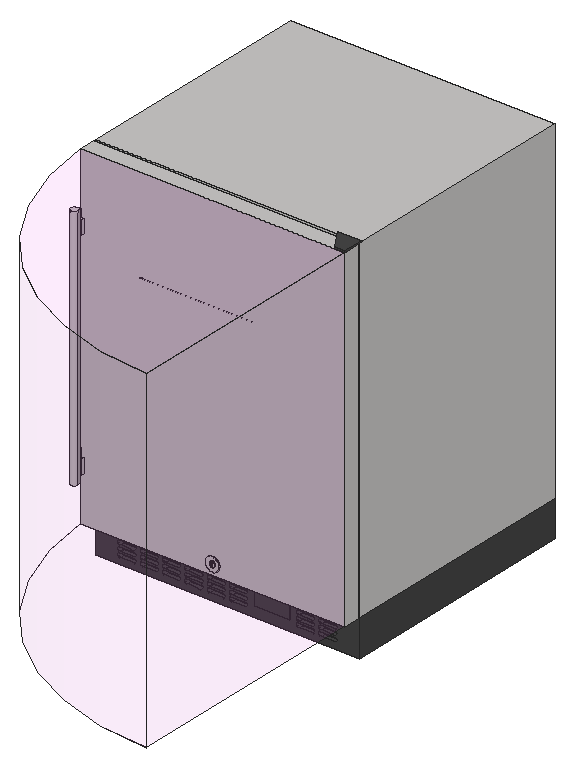
Revit family "QF_Summit_SPFF51OS_Frost_Free_Outdoor_All_Freezer", category Specialty Equipment, Revit 2020
Family settings
  Round Connector Dimension = Use Diameter
  Part Type = Normal
  Work Plane-Based = No
  Always vertical = Yes
  Cut with Voids When Loaded = No
  Shared = No
  Room Calculation Point = No
Parameters
  Weight in Pounds = 88
  Watts = Volts * FL Amps  # 103.5 W
  Volts = 115 V
  URL Cutsheet = ""
  Specification by User = ""
  Specification by Manufacturer = ""
  Show RHD [instance] = not(Show LHD)  # yes
  Show LHD [instance] = no
  Show Clearance [instance] = yes
  Serial Number = ""
  Seismic Rating = ""
  SMACNA No = ""
  Revision Code = ""
  Refrigerant Volume = 0.00 kip
  Refrigerant Type = "R600a"
  Phase = 1
  Number of Poles = 1
  NAFEM Spec ID Number = ""
  Model = "SPFF51OS"
  Min Ckt Ampacity = 0 A
  Max Overcurrent Protection = 0 A
  Masterspec = ""
  Manufacturer = "Summit"
  Length = 23.63"
  Item Number = ""
  Installed By = ""
  Identify Quantity as Lot = yes
  Height = 34"
  HP = ""
  Furnished By = ""
  Foodservice Equipment Identifier = yes
  FL Amps = 0.9 A
  Electrical Remarks = ""
  Electric Connection Type = ""
  Elec Conn RI Height = 0"
  Elec Conn Connection Height = 0"
  Description = "Frost Free Outdoor All Freezer"
  Depth = 23 1/2"
  Default Elevation = 0"
  Cycle = 60 Hz
  Conn Plug = ""
  Conn Conduit = yes
  CSI MasterFormat = ""
  BTUH = 0.0 Btu/h
  Apparent Power = 0 VA
Reference planes (in)
  plane 1 "BACK": y = 0
  plane 2: z = 0
  plane 3 "LEFT": x = 0
  plane 4 "RIGHT": x = 23.63
  plane 5 "FRONT": y = -23.5
  plane 6 "TOP": z = 34
  plane 7 "Center Y": x = 11.815
  plane 8 "Center X": y = -11.75
Dimensions and locks (in)
  equal spacing: plane 3 "LEFT", plane 7 "Center Y", plane 4 "RIGHT"
  "Length": plane 3 "LEFT" to plane 4 "RIGHT"
  equal spacing: plane 5 "FRONT", plane 8 "Center X", plane 1 "BACK"
  "Depth": plane 5 "FRONT" to plane 1 "BACK"
  "Height": plane 6 "TOP" to level
  aligned and locked: level to plane 2
Nested families (in)
  nested 1: "SPFF51OS" at (0, 0, 0), Show Clearance <- "Show Clearance", Show LHD <- "Show LHD", type "SPFF51OS"
    with Show RHD yes, Show LHD no, Show Clearance yes
Connectors (in)
  electrical at (20.63, 0.03125, 1.99472), driven by "Volts", driven by "Watts"
    settings: on nested 1, index 1, voltage 115 V, apparent load 103.5 VA, apparent load phase1 0 VA, apparent load phase2 0 VA, apparent load phase3 0 VA, power factor 1, load classification "Other", number of poles 1, system type 30, power factor state 1, is connector primary yes, connector utility no, sub classification motor no, connector description "ELECTRICAL CONNECTION"
Definition of nested family "SPFF51OS"
  Parameters (values of type "SPFF51OS")
    Weight in Pounds = 0
    URL Cutsheet = ""
    Specification by User = ""
    Specification by Manufacturer = ""
    Show RHD [instance] = not(Show LHD)  # no
    Show LHD [instance] = yes
    Show Clearance [instance] = yes
    Serial Number = ""
    Seismic Rating = ""
    SMACNA No = ""
    Revision Code = ""
    NAFEM Spec ID Number = ""
    Masterspec = ""
    Length = 23.63"
    Item Number = ""
    Installed By = ""
    Identify Quantity as Lot = yes
    Height = 34"
    Furnished By = ""
    Foodservice Equipment Identifier = yes
    Depth = 23 1/2"
    Default Elevation = 0"
    CSI MasterFormat = ""
  Reference planes (in)
    plane 1 "BACK": y = 0
    plane 2: z = 0
    plane 3 "LEFT": x = 0
    plane 4 "RIGHT": x = 23.63
    plane 5 "FRONT": y = -23.5
    plane 6 "TOP": z = 34
    plane 7 "Center Y": x = 11.815
    plane 8 "Center X": y = -11.75
    plane 9: z = 3.91594
    plane 10: z = 0.6638
    plane 11: x = 20.63
    plane 12: y = -45.625
    plane 13: z = 4.41594
    plane 14: z = 33.66594
  Forms (in)
    Extrusion 1, solid
      sketch origin (-3.81931, -180, 3.91594) x (-1, 0, 0) y (0, -1, 0)
        loop
          line (-3.81931, -180) -> (-3.81931, -158.20513) -> (-27.44931, -158.20513) -> (-27.44931, -180) -> (-3.81931, -180)
      from 0 to 30.08406
    Extrusion 2, solid
      sketch origin (-1.69587, -180, 0.6638) x (-1, 0, 0) y (0, -1, 0)
        loop
          line (-1.69587, -180) -> (-1.69587, -158.20513) -> (-25.32587, -158.20513) -> (-25.32587, -180) -> (-1.69587, -180)
      from 0 to 3.25213
    Extrusion 3, solid, visible <- "Show RHD"
      sketch origin (-3.81931, -180, 34) x (-1, 0, 0) y (0, -1, 0)
        loop
          line (-25.33028, -158.38842) -> (-26.55664, -156.5) -> (-27.44931, -156.5) -> (-27.44931, -158.38842) -> (-25.33028, -158.38842)
      from 0 to 0.09167
    Extrusion 4, solid, visible <- "Show RHD"
      sketch origin (-1.39221, -180, 29.22496) x (-1, 0, 0) y (0, -1, 0)
        loop
          line (-1.39221, -157.45513) -> (-1.20471, -157.45513) -> (-1.20471, -156.46355) -> (-1.67159, -155.30798) -> (-2.43206, -155.30798) -> (-2.43206, -155.49548) -> (-1.79806, -155.49548) -> (-1.39221, -156.5) -> (-1.39221, -157.45513)
      from 0 to -1.25
    Extrusion 5, solid, visible <- "Show RHD"
      sketch origin (-2.12657, -180, 30.03198) x (-1, 0, 0) y (0, -1, 0)
        loop
          circle (-2.78619, -154.96649) r 0.34149
      from 0 to -21.94945
    Extrusion 6, solid, visible <- "Show RHD"
      sketch origin (-2.27285, -180, 9.98387) x (-1, 0, 0) y (0, -1, 0)
        loop
          line (-2.27285, -157.45513) -> (-2.08535, -157.45513) -> (-2.08535, -156.46355) -> (-2.55223, -155.30798) -> (-3.3127, -155.30798) -> (-3.3127, -155.49548) -> (-2.6787, -155.49548) -> (-2.27285, -156.5) -> (-2.27285, -157.45513)
      from 0 to -1.25
    Extrusion 7, void
      sketch origin (23.63, -21.79487, 0.6638) x (1, 0, 0) y (0, 0, -1)
        loop
          arc (-21.45237, -2.57037) -> (-21.65262, -2.77063) -> (-21.45237, -2.97088) r 0.20026
          line (-21.45237, -2.97088) -> (-20.20237, -2.97088)
          arc (-20.20237, -2.97088) -> (-20.00211, -2.77063) -> (-20.20237, -2.57037) r 0.20026
          line (-20.20237, -2.57037) -> (-21.45237, -2.57037)
        loop
          arc (-21.45237, -2.05013) -> (-21.65262, -2.25039) -> (-21.45237, -2.45064) r 0.20026
          line (-21.45237, -2.45064) -> (-20.20237, -2.45064)
          arc (-20.20237, -2.45064) -> (-20.00211, -2.25039) -> (-20.20237, -2.05013) r 0.20026
          line (-20.20237, -2.05013) -> (-21.45237, -2.05013)
        loop
          arc (-21.45237, -1.57037) -> (-21.65262, -1.77063) -> (-21.45237, -1.97088) r 0.20026
          line (-21.45237, -1.97088) -> (-20.20237, -1.97088)
          arc (-20.20237, -1.97088) -> (-20.00211, -1.77063) -> (-20.20237, -1.57037) r 0.20026
          line (-20.20237, -1.57037) -> (-21.45237, -1.57037)
        loop
          arc (-21.45237, -1.05013) -> (-21.65262, -1.25039) -> (-21.45237, -1.45064) r 0.20026
          line (-21.45237, -1.45064) -> (-20.20237, -1.45064)
          arc (-20.20237, -1.45064) -> (-20.00211, -1.25039) -> (-20.20237, -1.05013) r 0.20026
          line (-20.20237, -1.05013) -> (-21.45237, -1.05013)
        loop
          arc (-21.45237, -0.55013) -> (-21.65262, -0.75039) -> (-21.45237, -0.95064) r 0.20026
          line (-21.45237, -0.95064) -> (-20.20237, -0.95064)
          arc (-20.20237, -0.95064) -> (-20.00211, -0.75039) -> (-20.20237, -0.55013) r 0.20026
          line (-20.20237, -0.55013) -> (-21.45237, -0.55013)
        loop
          arc (-19.45237, -2.57037) -> (-19.65262, -2.77063) -> (-19.45237, -2.97088) r 0.20026
          line (-19.45237, -2.97088) -> (-18.20237, -2.97088)
          arc (-18.20237, -2.97088) -> (-18.00211, -2.77063) -> (-18.20237, -2.57037) r 0.20026
          line (-18.20237, -2.57037) -> (-19.45237, -2.57037)
        loop
          arc (-19.45237, -2.05013) -> (-19.65262, -2.25039) -> (-19.45237, -2.45064) r 0.20026
          line (-19.45237, -2.45064) -> (-18.20237, -2.45064)
          arc (-18.20237, -2.45064) -> (-18.00211, -2.25039) -> (-18.20237, -2.05013) r 0.20026
          line (-18.20237, -2.05013) -> (-19.45237, -2.05013)
        loop
          arc (-19.45237, -1.57037) -> (-19.65262, -1.77063) -> (-19.45237, -1.97088) r 0.20026
          line (-19.45237, -1.97088) -> (-18.20237, -1.97088)
          arc (-18.20237, -1.97088) -> (-18.00211, -1.77063) -> (-18.20237, -1.57037) r 0.20026
          line (-18.20237, -1.57037) -> (-19.45237, -1.57037)
        loop
          arc (-19.45237, -1.05013) -> (-19.65262, -1.25039) -> (-19.45237, -1.45064) r 0.20026
          line (-19.45237, -1.45064) -> (-18.20237, -1.45064)
          arc (-18.20237, -1.45064) -> (-18.00211, -1.25039) -> (-18.20237, -1.05013) r 0.20026
          line (-18.20237, -1.05013) -> (-19.45237, -1.05013)
        loop
          arc (-19.45237, -0.55013) -> (-19.65262, -0.75039) -> (-19.45237, -0.95064) r 0.20026
          line (-19.45237, -0.95064) -> (-18.20237, -0.95064)
          arc (-18.20237, -0.95064) -> (-18.00211, -0.75039) -> (-18.20237, -0.55013) r 0.20026
          line (-18.20237, -0.55013) -> (-19.45237, -0.55013)
        loop
          arc (-17.45237, -2.57037) -> (-17.65262, -2.77063) -> (-17.45237, -2.97088) r 0.20026
          line (-17.45237, -2.97088) -> (-16.20237, -2.97088)
          arc (-16.20237, -2.97088) -> (-16.00211, -2.77063) -> (-16.20237, -2.57037) r 0.20026
          line (-16.20237, -2.57037) -> (-17.45237, -2.57037)
        loop
          arc (-17.45237, -2.05013) -> (-17.65262, -2.25039) -> (-17.45237, -2.45064) r 0.20026
          line (-17.45237, -2.45064) -> (-16.20237, -2.45064)
          arc (-16.20237, -2.45064) -> (-16.00211, -2.25039) -> (-16.20237, -2.05013) r 0.20026
          line (-16.20237, -2.05013) -> (-17.45237, -2.05013)
        loop
          arc (-17.45237, -1.57037) -> (-17.65262, -1.77063) -> (-17.45237, -1.97088) r 0.20026
          line (-17.45237, -1.97088) -> (-16.20237, -1.97088)
          arc (-16.20237, -1.97088) -> (-16.00211, -1.77063) -> (-16.20237, -1.57037) r 0.20026
          line (-16.20237, -1.57037) -> (-17.45237, -1.57037)
        loop
          arc (-17.45237, -1.05013) -> (-17.65262, -1.25039) -> (-17.45237, -1.45064) r 0.20026
          line (-17.45237, -1.45064) -> (-16.20237, -1.45064)
          arc (-16.20237, -1.45064) -> (-16.00211, -1.25039) -> (-16.20237, -1.05013) r 0.20026
          line (-16.20237, -1.05013) -> (-17.45237, -1.05013)
        loop
          arc (-17.45237, -0.55013) -> (-17.65262, -0.75039) -> (-17.45237, -0.95064) r 0.20026
          line (-17.45237, -0.95064) -> (-16.20237, -0.95064)
          arc (-16.20237, -0.95064) -> (-16.00211, -0.75039) -> (-16.20237, -0.55013) r 0.20026
          line (-16.20237, -0.55013) -> (-17.45237, -0.55013)
        loop
          arc (-15.45237, -2.57037) -> (-15.65262, -2.77063) -> (-15.45237, -2.97088) r 0.20026
          line (-15.45237, -2.97088) -> (-14.20237, -2.97088)
          arc (-14.20237, -2.97088) -> (-14.00211, -2.77063) -> (-14.20237, -2.57037) r 0.20026
          line (-14.20237, -2.57037) -> (-15.45237, -2.57037)
        loop
          arc (-15.45237, -2.05013) -> (-15.65262, -2.25039) -> (-15.45237, -2.45064) r 0.20026
          line (-15.45237, -2.45064) -> (-14.20237, -2.45064)
          arc (-14.20237, -2.45064) -> (-14.00211, -2.25039) -> (-14.20237, -2.05013) r 0.20026
          line (-14.20237, -2.05013) -> (-15.45237, -2.05013)
        loop
          arc (-15.45237, -1.57037) -> (-15.65262, -1.77063) -> (-15.45237, -1.97088) r 0.20026
          line (-15.45237, -1.97088) -> (-14.20237, -1.97088)
          arc (-14.20237, -1.97088) -> (-14.00211, -1.77063) -> (-14.20237, -1.57037) r 0.20026
          line (-14.20237, -1.57037) -> (-15.45237, -1.57037)
        loop
          arc (-15.45237, -1.05013) -> (-15.65262, -1.25039) -> (-15.45237, -1.45064) r 0.20026
          line (-15.45237, -1.45064) -> (-14.20237, -1.45064)
          arc (-14.20237, -1.45064) -> (-14.00211, -1.25039) -> (-14.20237, -1.05013) r 0.20026
          line (-14.20237, -1.05013) -> (-15.45237, -1.05013)
        loop
          arc (-15.45237, -0.55013) -> (-15.65262, -0.75039) -> (-15.45237, -0.95064) r 0.20026
          line (-15.45237, -0.95064) -> (-14.20237, -0.95064)
          arc (-14.20237, -0.95064) -> (-14.00211, -0.75039) -> (-14.20237, -0.55013) r 0.20026
          line (-14.20237, -0.55013) -> (-15.45237, -0.55013)
        loop
          arc (-13.45237, -2.57037) -> (-13.65262, -2.77063) -> (-13.45237, -2.97088) r 0.20026
          line (-13.45237, -2.97088) -> (-12.20237, -2.97088)
          arc (-12.20237, -2.97088) -> (-12.00211, -2.77063) -> (-12.20237, -2.57037) r 0.20026
          line (-12.20237, -2.57037) -> (-13.45237, -2.57037)
        loop
          arc (-13.45237, -2.05013) -> (-13.65262, -2.25039) -> (-13.45237, -2.45064) r 0.20026
          line (-13.45237, -2.45064) -> (-12.20237, -2.45064)
          arc (-12.20237, -2.45064) -> (-12.00211, -2.25039) -> (-12.20237, -2.05013) r 0.20026
          line (-12.20237, -2.05013) -> (-13.45237, -2.05013)
        loop
          arc (-13.45237, -1.57037) -> (-13.65262, -1.77063) -> (-13.45237, -1.97088) r 0.20026
          line (-13.45237, -1.97088) -> (-12.20237, -1.97088)
          arc (-12.20237, -1.97088) -> (-12.00211, -1.77063) -> (-12.20237, -1.57037) r 0.20026
          line (-12.20237, -1.57037) -> (-13.45237, -1.57037)
        loop
          arc (-13.45237, -1.05013) -> (-13.65262, -1.25039) -> (-13.45237, -1.45064) r 0.20026
          line (-13.45237, -1.45064) -> (-12.20237, -1.45064)
          arc (-12.20237, -1.45064) -> (-12.00211, -1.25039) -> (-12.20237, -1.05013) r 0.20026
          line (-12.20237, -1.05013) -> (-13.45237, -1.05013)
        loop
          arc (-13.45237, -0.55013) -> (-13.65262, -0.75039) -> (-13.45237, -0.95064) r 0.20026
          line (-13.45237, -0.95064) -> (-12.20237, -0.95064)
          arc (-12.20237, -0.95064) -> (-12.00211, -0.75039) -> (-12.20237, -0.55013) r 0.20026
          line (-12.20237, -0.55013) -> (-13.45237, -0.55013)
        loop
          arc (-11.45237, -2.57037) -> (-11.65262, -2.77063) -> (-11.45237, -2.97088) r 0.20026
          line (-11.45237, -2.97088) -> (-10.20237, -2.97088)
          arc (-10.20237, -2.97088) -> (-10.00211, -2.77063) -> (-10.20237, -2.57037) r 0.20026
          line (-10.20237, -2.57037) -> (-11.45237, -2.57037)
        loop
          arc (-11.45237, -2.05013) -> (-11.65262, -2.25039) -> (-11.45237, -2.45064) r 0.20026
          line (-11.45237, -2.45064) -> (-10.20237, -2.45064)
          arc (-10.20237, -2.45064) -> (-10.00211, -2.25039) -> (-10.20237, -2.05013) r 0.20026
          line (-10.20237, -2.05013) -> (-11.45237, -2.05013)
        loop
          arc (-11.45237, -1.57037) -> (-11.65262, -1.77063) -> (-11.45237, -1.97088) r 0.20026
          line (-11.45237, -1.97088) -> (-10.20237, -1.97088)
          arc (-10.20237, -1.97088) -> (-10.00211, -1.77063) -> (-10.20237, -1.57037) r 0.20026
          line (-10.20237, -1.57037) -> (-11.45237, -1.57037)
        loop
          arc (-11.45237, -1.05013) -> (-11.65262, -1.25039) -> (-11.45237, -1.45064) r 0.20026
          line (-11.45237, -1.45064) -> (-10.20237, -1.45064)
          arc (-10.20237, -1.45064) -> (-10.00211, -1.25039) -> (-10.20237, -1.05013) r 0.20026
          line (-10.20237, -1.05013) -> (-11.45237, -1.05013)
        loop
          arc (-11.45237, -0.55013) -> (-11.65262, -0.75039) -> (-11.45237, -0.95064) r 0.20026
          line (-11.45237, -0.95064) -> (-10.20237, -0.95064)
          arc (-10.20237, -0.95064) -> (-10.00211, -0.75039) -> (-10.20237, -0.55013) r 0.20026
          line (-10.20237, -0.55013) -> (-11.45237, -0.55013)
        loop
          arc (-5.45237, -2.57037) -> (-5.65262, -2.77063) -> (-5.45237, -2.97088) r 0.20026
          line (-5.45237, -2.97088) -> (-4.20237, -2.97088)
          arc (-4.20237, -2.97088) -> (-4.00211, -2.77063) -> (-4.20237, -2.57037) r 0.20026
          line (-4.20237, -2.57037) -> (-5.45237, -2.57037)
        loop
          arc (-5.45237, -2.05013) -> (-5.65262, -2.25039) -> (-5.45237, -2.45064) r 0.20026
          line (-5.45237, -2.45064) -> (-4.20237, -2.45064)
          arc (-4.20237, -2.45064) -> (-4.00211, -2.25039) -> (-4.20237, -2.05013) r 0.20026
          line (-4.20237, -2.05013) -> (-5.45237, -2.05013)
        loop
          arc (-5.45237, -1.57037) -> (-5.65262, -1.77063) -> (-5.45237, -1.97088) r 0.20026
          line (-5.45237, -1.97088) -> (-4.20237, -1.97088)
          arc (-4.20237, -1.97088) -> (-4.00211, -1.77063) -> (-4.20237, -1.57037) r 0.20026
          line (-4.20237, -1.57037) -> (-5.45237, -1.57037)
        loop
          arc (-5.45237, -1.05013) -> (-5.65262, -1.25039) -> (-5.45237, -1.45064) r 0.20026
          line (-5.45237, -1.45064) -> (-4.20237, -1.45064)
          arc (-4.20237, -1.45064) -> (-4.00211, -1.25039) -> (-4.20237, -1.05013) r 0.20026
          line (-4.20237, -1.05013) -> (-5.45237, -1.05013)
        loop
          arc (-5.45237, -0.55013) -> (-5.65262, -0.75039) -> (-5.45237, -0.95064) r 0.20026
          line (-5.45237, -0.95064) -> (-4.20237, -0.95064)
          arc (-4.20237, -0.95064) -> (-4.00211, -0.75039) -> (-4.20237, -0.55013) r 0.20026
          line (-4.20237, -0.55013) -> (-5.45237, -0.55013)
        loop
          arc (-3.45237, -2.57037) -> (-3.65262, -2.77063) -> (-3.45237, -2.97088) r 0.20026
          line (-3.45237, -2.97088) -> (-2.20237, -2.97088)
          arc (-2.20237, -2.97088) -> (-2.00211, -2.77063) -> (-2.20237, -2.57037) r 0.20026
          line (-2.20237, -2.57037) -> (-3.45237, -2.57037)
        loop
          arc (-3.45237, -2.05013) -> (-3.65262, -2.25039) -> (-3.45237, -2.45064) r 0.20026
          line (-3.45237, -2.45064) -> (-2.20237, -2.45064)
          arc (-2.20237, -2.45064) -> (-2.00211, -2.25039) -> (-2.20237, -2.05013) r 0.20026
          line (-2.20237, -2.05013) -> (-3.45237, -2.05013)
        loop
          arc (-3.45237, -1.57037) -> (-3.65262, -1.77063) -> (-3.45237, -1.97088) r 0.20026
          line (-3.45237, -1.97088) -> (-2.20237, -1.97088)
          arc (-2.20237, -1.97088) -> (-2.00211, -1.77063) -> (-2.20237, -1.57037) r 0.20026
          line (-2.20237, -1.57037) -> (-3.45237, -1.57037)
        loop
          arc (-3.45237, -1.05013) -> (-3.65262, -1.25039) -> (-3.45237, -1.45064) r 0.20026
          line (-3.45237, -1.45064) -> (-2.20237, -1.45064)
          arc (-2.20237, -1.45064) -> (-2.00211, -1.25039) -> (-2.20237, -1.05013) r 0.20026
          line (-2.20237, -1.05013) -> (-3.45237, -1.05013)
        loop
          arc (-3.45237, -0.55013) -> (-3.65262, -0.75039) -> (-3.45237, -0.95064) r 0.20026
          line (-3.45237, -0.95064) -> (-2.20237, -0.95064)
          arc (-2.20237, -0.95064) -> (-2.00211, -0.75039) -> (-2.20237, -0.55013) r 0.20026
          line (-2.20237, -0.55013) -> (-3.45237, -0.55013)
      from 0 to 0.44189
    Extrusion 8, solid
      sketch origin (23.63, -21.79487, 0.6638) x (-1, 0, 0) y (0, 0, -1)
        loop
          line (9.40674, -2.439) -> (9.40674, -0.939) -> (6.27958, -0.939) -> (6.27958, -2.439) -> (9.40674, -2.439)
      from 0 to 0.03125
    Extrusion 9, solid
      sketch origin (23.63, -23.5, 3.91594) x (-1, 0, 0) y (0, 0, -1)
        loop
          circle (11.815, -0.9154) r 0.61388
        loop
          circle (11.815, -0.9154) r 0.25
      from 0 to 0.03125
    Extrusion 10, solid
      sketch origin (23.63, -23.5, 3.91594) x (1, 0, 0) y (0, 0, -1)
        loop
          circle (-11.815, -0.9154) r 0.2438
        loop
          line (-11.83186, -1.12004) -> (-11.79814, -1.12004) -> (-11.79814, -0.71132) -> (-11.83186, -0.71132) -> (-11.83186, -1.12004)
      from 0 to -0.03125
    Extrusion 11, void
      sketch origin (-7.59879, -180, 31.69424) x (0, -1, 0) y (-1, 0, 0)
        loop
          line (-175.77434, -10.34563) -> (-175.77434, -28.58892)
          arc (-175.77434, -28.58892) -> (-175.6279, -28.94247) -> (-175.27434, -29.08892) r 0.5
          line (-175.27434, -29.08892) -> (-157.95513, -29.08892) -> (-157.95513, -9.84563) -> (-175.27434, -9.84563)
          arc (-175.27434, -9.84563) -> (-175.6279, -9.99208) -> (-175.77434, -10.34563) r 0.5
      from 0 to 25.75
    Extrusion 12, solid
      sketch origin (0, -20.97204, 36.87386) x (0, 0, 1) y (1, 0, 0)
        loop
          line (-9.67962, 2.24685) -> (-9.67962, 3.08594) -> (-9.92962, 3.08594) -> (-10.7687, 2.24685) -> (-9.67962, 2.24685)
        loop
          line (-13.36712, 2.24685) -> (-13.36712, 3.08594) -> (-13.61712, 3.08594) -> (-14.4562, 2.24685) -> (-13.36712, 2.24685)
        loop
          line (-16.92962, 2.24685) -> (-16.92962, 3.08594) -> (-17.17962, 3.08594) -> (-18.0187, 2.24685) -> (-16.92962, 2.24685)
        loop
          line (-20.61712, 2.24685) -> (-20.61712, 3.08594) -> (-20.86712, 3.08594) -> (-21.7062, 2.24685) -> (-20.61712, 2.24685)
        loop
          line (-24.11712, 2.24685) -> (-24.11712, 3.08594) -> (-24.36712, 3.08594) -> (-25.2062, 2.24685) -> (-24.11712, 2.24685)
        loop
          line (-9.67962, 21.49013) -> (-10.7687, 21.49013) -> (-9.92962, 20.65105) -> (-9.67962, 20.65105) -> (-9.67962, 21.49013)
        loop
          line (-13.36712, 21.49013) -> (-14.4562, 21.49013) -> (-13.61712, 20.65105) -> (-13.36712, 20.65105) -> (-13.36712, 21.49013)
        loop
          line (-16.92962, 21.49013) -> (-18.0187, 21.49013) -> (-17.17962, 20.65105) -> (-16.92962, 20.65105) -> (-16.92962, 21.49013)
        loop
          line (-20.61712, 21.49013) -> (-21.7062, 21.49013) -> (-20.86712, 20.65105) -> (-20.61712, 20.65105) -> (-20.61712, 21.49013)
        loop
          line (-24.11712, 21.49013) -> (-25.2062, 21.49013) -> (-24.36712, 20.65105) -> (-24.11712, 20.65105) -> (-24.11712, 21.49013)
      from 0 to 15.4501
    Extrusion 13, solid
      sketch origin (-7.59879, -180, 5.94424) x (0, -1, 0) y (1, 0, 0)
        loop
          line (-175.27434, 9.84563) -> (-170.77434, 9.84563) -> (-170.77434, 29.08892) -> (-175.27434, 29.08892)
          arc (-175.27434, 29.08892) -> (-175.6279, 28.94247) -> (-175.77434, 28.58892) r 0.5
          line (-175.77434, 28.58892) -> (-175.77434, 10.34563)
          arc (-175.77434, 10.34563) -> (-175.6279, 9.99208) -> (-175.27434, 9.84563) r 0.5
      from 0 to 3.09569
    Extrusion 14, solid
      sketch origin (0, -20.97204, 36.87386) x (0, 0, -1) y (1, 0, 0)
        loop
          line (27.83393, 2.24685) -> (28.98179, 2.24685) -> (28.08393, 3.14471) -> (27.83393, 3.14471) -> (27.83393, 2.24685)
        loop
          line (27.83393, 21.49013) -> (27.83393, 20.59227) -> (28.08393, 20.59227) -> (28.98179, 21.49013) -> (27.83393, 21.49013)
      from 0 to -10.21186
    Sweep 15, solid
      path origin (0, 0, 0) x (1, 0, 0) y (0, 1, 0)
        loop
          arc (2.60112, -20.16318) -> (2.74756, -20.51674) -> (3.10112, -20.66318) r 0.5
          line (3.10112, -20.66318) -> (20.60112, -20.66318)
          arc (20.60112, -20.66318) -> (20.95467, -20.51674) -> (21.10112, -20.16318) r 0.5
          line (21.10112, -20.16318) -> (21.10112, -6.41318)
          arc (21.10112, -6.41318) -> (20.95467, -6.05963) -> (20.60112, -5.91318) r 0.5
          line (20.60112, -5.91318) -> (3.10112, -5.91318)
          arc (3.10112, -5.91318) -> (2.74756, -6.05963) -> (2.60112, -6.41318) r 0.5
          line (2.60112, -6.41318) -> (2.60112, -20.16318)
      profile origin (2.60112, -13.28818, 0) x (-1, 0, 0) y (0, 0, 1)
        loop
          circle (0, 23.68523) r 0.17849
    Sweep 16, solid
      path origin (0, 0, -7.25) x (1, 0, 0) y (0, 1, 0)
        loop
          arc (2.60112, -20.16318) -> (2.74756, -20.51674) -> (3.10112, -20.66318) r 0.5
          line (3.10112, -20.66318) -> (20.60112, -20.66318)
          arc (20.60112, -20.66318) -> (20.95467, -20.51674) -> (21.10112, -20.16318) r 0.5
          line (21.10112, -20.16318) -> (21.10112, -6.41318)
          arc (21.10112, -6.41318) -> (20.95467, -6.05963) -> (20.60112, -5.91318) r 0.5
          line (20.60112, -5.91318) -> (3.10112, -5.91318)
          arc (3.10112, -5.91318) -> (2.74756, -6.05963) -> (2.60112, -6.41318) r 0.5
          line (2.60112, -6.41318) -> (2.60112, -20.16318)
      profile origin (2.60112, -13.28818, -7.25) x (-1, 0, 0) y (0, 0, 1)
        loop
          circle (0, 23.68523) r 0.17849
    Sweep 17, solid
      path origin (0, 0, 0) x (1, 0, 0) y (0, 1, 0)
        loop
          arc (2.66375, -20.03099) -> (2.81019, -20.38454) -> (3.16375, -20.53099) r 0.5
          line (3.16375, -20.53099) -> (20.5336, -20.53099)
          arc (20.5336, -20.53099) -> (20.88715, -20.38454) -> (21.0336, -20.03099) r 0.5
          line (21.0336, -20.03099) -> (21.0336, -11.78099)
          arc (21.0336, -11.78099) -> (20.88715, -11.42744) -> (20.5336, -11.28099) r 0.5
          line (20.5336, -11.28099) -> (3.16375, -11.28099)
          arc (3.16375, -11.28099) -> (2.81019, -11.42744) -> (2.66375, -11.78099) r 0.5
          line (2.66375, -11.78099) -> (2.66375, -20.03099)
      profile origin (2.66375, -15.90599, 0) x (-1, 0, 0) y (0, 0, 1)
        loop
          circle (0, 9.23792) r 0.198
    Revolve 18, solid
      sketch origin (0, -4, 0) x (1, 0, 0) y (0, 0, 1)
        loop
          line (1.57659, 0.6638) -> (1.57659, 0) -> (2.07659, 0) -> (2.19363, 0.6638) -> (1.57659, 0.6638)
        axis (1.57659, 0.6638) -> (1.57659, 0)
      angle from 0 to 360
    Revolve 19, solid
      sketch origin (23.63, -4, 0) x (-1, 0, 0) y (0, 0, 1)
        loop
          line (1.57659, 0.6638) -> (1.57659, 0) -> (2.07659, 0) -> (2.19363, 0.6638) -> (1.57659, 0.6638)
        axis (1.57659, 0.6638) -> (1.57659, 0)
      angle from 0 to 360
    Revolve 20, solid
      sketch origin (0, -19.5, 0) x (1, 0, 0) y (0, 0, -1)
        loop
          line (1.57659, -0.6638) -> (2.19363, -0.6638) -> (2.07659, 0) -> (1.57659, 0) -> (1.57659, -0.6638)
        axis (1.57659, -0.6638) -> (1.57659, 0)
      angle from 0 to 360
    Revolve 21, solid
      sketch origin (23.63, -19.5, 0) x (-1, 0, 0) y (0, 0, 1)
        loop
          line (1.57659, 0.6638) -> (1.57659, 0) -> (2.07659, 0) -> (2.19363, 0.6638) -> (1.57659, 0.6638)
        axis (1.57659, 0.6638) -> (1.57659, 0)
      angle from 0 to 360
    Extrusion 22, solid
      sketch origin (0, 0, 0) x (1, 0, 0) y (0, 0, 1)
        loop
          circle (20.63, 1.99472) r 0.25
      from 0 to -0.03125
    Extrusion 23, solid, visible <- "Show RHD"
      sketch origin (-3.81931, -180, 3.91594) x (0, -1, 0) y (-1, 0, 0)
        loop
          line (-156.5, -27.44931) -> (-134.375, -27.44931)
          arc (-134.375, -27.44931) -> (-140.75981, -11.25466) -> (-156.5, -3.81968) r 23.6445
          line (-156.5, -3.81968) -> (-156.5, -27.44931)
      from 0 to -30.08406
    Extrusion 24, solid
      sketch origin (-3.81931, -180, 33.66594) x (-1, 0, 0) y (0, -1, 0)
        loop
          line (-3.95835, -158.20513) -> (-3.95835, -157.95513) -> (-27.28612, -157.95513) -> (-27.28612, -158.20513) -> (-3.95835, -158.20513)
      from 0 to -29.25
    Extrusion 25, solid, visible <- "Show LHD"
      sketch origin (27.44931, -180, 34) x (1, 0, 0) y (0, 1, 0)
        loop
          line (-25.33028, 158.38842) -> (-27.44931, 158.38842) -> (-27.44931, 156.5) -> (-26.55664, 156.5) -> (-25.33028, 158.38842)
      from 0 to 0.09167
    Extrusion 26, solid, visible <- "Show LHD"
      sketch origin (25.02221, -180, 29.22496) x (1, 0, 0) y (0, 1, 0)
        loop
          line (-1.39221, 157.45513) -> (-1.39221, 156.5) -> (-1.79806, 155.49548) -> (-2.43206, 155.49548) -> (-2.43206, 155.30798) -> (-1.67159, 155.30798) -> (-1.20471, 156.46355) -> (-1.20471, 157.45513) -> (-1.39221, 157.45513)
      from 0 to -1.25
    Extrusion 27, solid, visible <- "Show LHD"
      sketch origin (25.75657, -180, 30.03198) x (1, 0, 0) y (0, 1, 0)
        loop
          circle (-2.78619, 154.96649) r 0.34149
      from 0 to -21.94945
    Extrusion 28, solid, visible <- "Show LHD"
      sketch origin (25.90285, -180, 9.98387) x (1, 0, 0) y (0, 1, 0)
        loop
          line (-2.27285, 157.45513) -> (-2.27285, 156.5) -> (-2.6787, 155.49548) -> (-3.3127, 155.49548) -> (-3.3127, 155.30798) -> (-2.55223, 155.30798) -> (-2.08535, 156.46355) -> (-2.08535, 157.45513) -> (-2.27285, 157.45513)
      from 0 to -1.25
    Extrusion 29, solid, visible <- "Show LHD"
      sketch origin (27.44931, -180, 3.91594) x (0, 1, 0) y (1, 0, 0)
        loop
          line (156.5, -27.44931) -> (156.5, -3.81968)
          arc (156.5, -3.81968) -> (140.75981, -11.25466) -> (134.375, -27.44931) r 23.6445
          line (134.375, -27.44931) -> (156.5, -27.44931)
      from 0 to -30.08406
    Extrusion 30, solid
      sketch origin (-3.81931, -180, 3.91594) x (-1, 0, 0) y (0, -1, 0)
        loop
          line (-3.81931, -157.95513) -> (-3.81931, -156.5) -> (-27.44931, -156.5) -> (-27.44931, -157.95513) -> (-3.81931, -157.95513)
      from 0 to 30.08406
  Cuts and joins
    Extrusion 7, Extrusion 11 cuts Extrusion 2
    Extrusion 11 cuts Extrusion 8
    joined: Extrusion 2, Extrusion 8
    Extrusion 11 cuts Extrusion 4
    Extrusion 11 cuts Extrusion 5
    Extrusion 11 cuts Extrusion 6
    joined: Extrusion 4, Extrusion 5, Extrusion 6
    Extrusion 11 cuts Extrusion 1
  Lines and regions (in)
    Split face 1
      outline origin (23.63, -21.82612, 0.6638) x (-1, 0, 0) y (0, 0, -1)
        loop
          line (8.13245, -2.05821) -> (8.13245, -1.36464) -> (7.28283, -1.36464) -> (7.28283, -2.05821) -> (8.13245, -2.05821)
    Split face 2
      outline origin (23.63, -21.82612, 0.6638) x (-1, 0, 0) y (0, 0, -1)
        loop
          line (8.99942, -2.16803) -> (8.99942, -1.66803) -> (8.49942, -1.66803) -> (8.49942, -2.16803) -> (8.99942, -2.16803)
    Split face 3
      outline origin (23.63, -21.82612, 0.6638) x (-1, 0, 0) y (0, 0, -1)
        loop
          line (8.99942, -1.64442) -> (8.99942, -1.22015) -> (8.49942, -1.22015) -> (8.49942, -1.64442) -> (8.99942, -1.64442)
    Split face 4
      outline origin (23.63, -21.82612, 0.6638) x (-1, 0, 0) y (0, 0, -1)
        loop
          line (7.24942, -2.16803) -> (7.24942, -1.66803) -> (6.74942, -1.66803) -> (6.74942, -2.16803) -> (7.24942, -2.16803)
    Split face 5
      outline origin (23.63, -21.82612, 0.6638) x (-1, 0, 0) y (0, 0, -1)
        loop
          line (6.74942, -1.64442) -> (7.24942, -1.64442) -> (7.24942, -1.22015) -> (6.74942, -1.22015) -> (6.74942, -1.64442)
    symbolic lines, visible <- "Show RHD"
      curve 1: line (23.63, -23.5, 0) -> (0, -23.5, 0)
      curve 2: line (0, -22.04487, 0) -> (0, -23.5, 0)
      curve 3: line (21.79235, -22.04487, 0) -> (0, -22.04487, 0)
      curve 4: line (0, -22.54487, 0) -> (-0.1875, -22.54487, 0)
      curve 5: line (-0.1875, -22.54487, 0) -> (-0.1875, -23.53645, 0)
      curve 6: line (-0.1875, -23.53645, 0) -> (0.27938, -24.69202, 0)
      curve 7: line (0.40585, -24.50452, 0) -> (0, -23.5, 0)
      curve 8: line (1.03985, -24.50452, 0) -> (0.40585, -24.50452, 0)
      curve 9: line (0.27938, -24.69202, 0) -> (1.03985, -24.69202, 0)
      curve 10: line (1.03985, -24.69202, 0) -> (1.03985, -24.50452, 0)
      curve 11: line (21.51097, -21.61158, 0) -> (22.73733, -23.5, 0)
      curve 12: line (23.63, -21.61158, 0) -> (21.51097, -21.61158, 0)
      curve 13: line (23.63, -23.5, 0) -> (23.63, -21.61158, 0)
      curve 14: line (0, -21.79487, 0) -> (21.63, -21.79487, 0)
      curve 17: line (0.13904, -21.79487, 0) -> (0.13904, -22.04487, 0)
      curve 18: arc (0.31813, -25.03351, 0) -> (0.65962, -25.375, 0) -> (1.00111, -25.03351, 0) r 0.34149
      curve 19: arc (1.00111, -25.03351, 0) -> (0.65962, -24.69202, 0) -> (0.31813, -25.03351, 0) r 0.34149
      curve 20: arc (3.81828, -34.9383, 0) -> (1.16788, -29.46663, 0) -> (0.00037, -23.5, 0) r 23.6445
      curve 21: line (23.63, -23.5, 0) -> (3.81828, -34.9383, 0)
    symbolic lines
      curve 15: line (0, 0, 0) -> (0, -21.79487, 0)
      curve 16: line (23.63, 0, 0) -> (0, 0, 0)
      curve 40: line (23.63, -21.79487, 0) -> (23.63, 0, 0)
    symbolic lines, visible <- "Show LHD"
      curve 22: line (0, -23.5, 0) -> (23.63, -23.5, 0)
      curve 23: line (23.63, -22.04487, 0) -> (23.63, -23.5, 0)
      curve 24: line (1.83765, -22.04487, 0) -> (23.63, -22.04487, 0)
      curve 25: line (23.63, -22.54487, 0) -> (23.8175, -22.54487, 0)
      curve 26: line (23.8175, -22.54487, 0) -> (23.8175, -23.53645, 0)
      curve 27: line (23.8175, -23.53645, 0) -> (23.35062, -24.69202, 0)
      curve 28: line (23.22415, -24.50452, 0) -> (23.63, -23.5, 0)
      curve 29: line (22.59015, -24.50452, 0) -> (23.22415, -24.50452, 0)
      curve 30: line (23.35062, -24.69202, 0) -> (22.59015, -24.69202, 0)
      curve 31: line (22.59015, -24.69202, 0) -> (22.59015, -24.50452, 0)
      curve 32: line (2.11903, -21.61158, 0) -> (0.89267, -23.5, 0)
      curve 33: line (0, -21.61158, 0) -> (2.11903, -21.61158, 0)
      curve 34: line (23.63, -21.79487, 0) -> (2, -21.79487, 0)
      curve 35: line (23.49096, -21.79487, 0) -> (23.49096, -22.04487, 0)
      curve 36: arc (23.31187, -25.03351, 0) -> (22.97038, -25.375, 0) -> (22.62889, -25.03351, 0) r 0.34149
      curve 37: arc (22.62889, -25.03351, 0) -> (22.97038, -24.69202, 0) -> (23.31187, -25.03351, 0) r 0.34149
      curve 38: arc (19.81172, -34.9383, 0) -> (22.46212, -29.46663, 0) -> (23.62963, -23.5, 0) r 23.6445
      curve 39: line (0, -23.5, 0) -> (19.81172, -34.9383, 0)
      curve 41: line (0, -23.5, 0) -> (0, -21.61158, 0)
  Dimensions and locks (in)
    equal spacing: plane 3 "LEFT", plane 7 "Center Y", plane 4 "RIGHT"
    "Length": plane 3 "LEFT" to plane 4 "RIGHT"
    equal spacing: plane 5 "FRONT", plane 8 "Center X", plane 1 "BACK"
    "Depth": plane 5 "FRONT" to plane 1 "BACK"
    "Height": plane 6 "TOP" to level
    plane 1 "BACK" to plane 12 = 45 5/8"
    aligned and locked: level to plane 2
  Automatic sketch dimensions
    plane 1 "BACK" to Extrusion 1 sketch curve = 0"
    Extrusion 1 sketch curve to plane 4 "RIGHT" = 0"
    Extrusion 1 sketch curve to plane 3 "LEFT" = 0"
    Extrusion 1 sketch curve to plane 5 "FRONT" = 1.70513"
    plane 1 "BACK" to Extrusion 2 sketch curve = 0"
    Extrusion 2 sketch curve to plane 4 "RIGHT" = 0"
    Extrusion 2 sketch curve to plane 3 "LEFT" = 0"
    Extrusion 2 sketch curve to plane 5 "FRONT" = 1.70513"
    Extrusion 3 sketch curve to Extrusion 1 = 0"
    Extrusion 3 sketch curve to Extrusion 3 sketch curve = 0.89267"
    Extrusion 3 sketch curve to Extrusion 1 = 0.18329"
    Extrusion 3 sketch curve to Extrusion 3 sketch curve = 2.11903"
    Extrusion 1 to Extrusion 3 sketch curve = 1.70513"
    Extrusion 4 sketch curve to plane 3 "LEFT" = 0"
    plane 5 "FRONT" to Extrusion 4 sketch curve = 0"
    plane 3 "LEFT" to Extrusion 4 sketch curve = 0.27938"
    Extrusion 4 sketch curve to Extrusion 4 sketch curve = 0.12647"
    Extrusion 4 sketch curve to Extrusion 4 sketch curve = 0.634"
    plane 5 "FRONT" to Extrusion 4 sketch curve = 0.03645"
    Extrusion 4 sketch curve to plane 3 "LEFT" = 3/16"
    Extrusion 4 sketch curve to plane 5 "FRONT" = 0.95513"
    plane 5 "FRONT" to Extrusion 4 sketch curve = 1.00452"
    Extrusion 4 sketch curve to Extrusion 4 sketch curve = 3/16"
    plane 3 "LEFT" to Extrusion 5 sketch curve = 0.65962"
    plane 5 "FRONT" to Extrusion 5 sketch curve = 1.53351"
    Extrusion 6 sketch curve to plane 3 "LEFT" = 0"
    plane 5 "FRONT" to Extrusion 6 sketch curve = 0"
    plane 3 "LEFT" to Extrusion 6 sketch curve = 0.27938"
    Extrusion 6 sketch curve to Extrusion 6 sketch curve = 0.12647"
    Extrusion 6 sketch curve to Extrusion 6 sketch curve = 0.634"
    plane 5 "FRONT" to Extrusion 6 sketch curve = 0.03645"
    Extrusion 6 sketch curve to plane 3 "LEFT" = 3/16"
    Extrusion 6 sketch curve to plane 5 "FRONT" = 0.95513"
    plane 5 "FRONT" to Extrusion 6 sketch curve = 1.00452"
    Extrusion 6 sketch curve to Extrusion 6 sketch curve = 3/16"
    Extrusion 7 sketch curve to Extrusion 2 = 0.68176"  (x5)
    Extrusion 7 sketch curve to Extrusion 2 = 2.17763"
    Extrusion 7 sketch curve to Extrusion 2 = 0.75039"  (x2)
    Extrusion 7 sketch curve to Extrusion 7 sketch curve = 0"  (x58)
    Extrusion 7 sketch curve to Extrusion 7 sketch curve = 1 1/4"  (x8)
    Extrusion 7 sketch curve to Extrusion 7 sketch curve = 3/4"  (x12)
    Extrusion 7 sketch curve to Extrusion 7 sketch curve = 4 3/4"
    Extrusion 7 sketch curve to Extrusion 7 sketch curve = 0.20026"  (x38)
    Extrusion 7 sketch curve to Extrusion 2 = 0.48151"  (x3)
    Extrusion 7 sketch curve to Extrusion 7 sketch curve = 0.11973"  (x16)
    Extrusion 7 sketch curve to Extrusion 7 sketch curve = 0.07924"  (x8)
    Extrusion 7 sketch curve to Extrusion 7 sketch curve = 0.09949"  (x8)
    Extrusion 2 to Extrusion 8 sketch curve = 0.81313"
    Extrusion 8 sketch curve to Extrusion 2 = 6.27958"
    Extrusion 2 to Extrusion 8 sketch curve = 0.939"
    Extrusion 8 sketch curve to Extrusion 8 sketch curve = 3.12716"
    Split face 1 sketch curve to Extrusion 8 = 0.38079"
    Split face 1 sketch curve to Extrusion 8 = 1.00325"
    Split face 1 sketch curve to Split face 1 sketch curve = 0.84962"
    Split face 1 sketch curve to Extrusion 8 = 0.42564"
    Split face 2 sketch curve to Extrusion 8 = 0.27097"
    Split face 2 sketch curve to Extrusion 8 = 0.90732"
    Split face 2 sketch curve to Extrusion 8 = 0.40732"
    Split face 2 sketch curve to Split face 2 sketch curve = 1/2"
    Split face 3 sketch curve to Extrusion 8 = 0.90732"
    Split face 3 sketch curve to Extrusion 8 = 0.40732"
    Split face 3 sketch curve to Extrusion 8 = 0.70542"
    Split face 3 sketch curve to Extrusion 8 = 0.28115"
    Split face 4 sketch curve to Extrusion 8 = 0.46984"
    Split face 4 sketch curve to Split face 4 sketch curve = 1/2"  (x2)
    Split face 4 sketch curve to Extrusion 8 = 0.27097"
    Split face 5 sketch curve to Extrusion 8 = 0.46984"
    Split face 5 sketch curve to Split face 5 sketch curve = 1/2"
    Split face 5 sketch curve to Extrusion 8 = 0.70542"
    Split face 5 sketch curve to Extrusion 8 = 0.28115"
    Extrusion 9 sketch curve to Extrusion 9 sketch curve = 0"  (x4)
    Extrusion 10 sketch curve to Extrusion 10 sketch curve = 0.01686"
    Extrusion 10 sketch curve to Extrusion 10 sketch curve = 0.03371"
    Extrusion 10 sketch curve to Extrusion 10 sketch curve = 0.20464"
    Extrusion 10 sketch curve to Extrusion 10 sketch curve = 0.20408"
    plane 1 "BACK" to Extrusion 11 sketch curve = 4.22566"
    Extrusion 11 sketch curve to Extrusion 11 sketch curve = 1/2"  (x2)
    Extrusion 11 sketch curve to plane 5 "FRONT" = 1.45513"
    plane 3 "LEFT" to Extrusion 11 sketch curve = 2.24685"
    plane 11 to Extrusion 11 sketch curve = 0.36013"
    plane 11 to Extrusion 12 sketch curve = 0.86013"  (x5)
    plane 13 to Extrusion 12 sketch curve = 7.25172"  (x2)
    plane 3 "LEFT" to Extrusion 12 sketch curve = 2.24685"  (x4)
    plane 3 "LEFT" to Extrusion 12 sketch curve = 3 11/128"  (x2)
    Extrusion 12 sketch curve to Extrusion 12 sketch curve = 0.83909"  (x14)
    plane 11 to Extrusion 12 sketch curve = 0.02105"  (x5)
    Extrusion 12 sketch curve to Extrusion 12 sketch curve = 1/4"  (x10)
    Extrusion 12 sketch curve to Extrusion 12 sketch curve = 2.41091"  (x2)
    Extrusion 12 sketch curve to Extrusion 12 sketch curve = 2.59841"  (x4)
    Extrusion 12 sketch curve to Extrusion 12 sketch curve = 2.47341"  (x2)
    Extrusion 13 sketch curve to Extrusion 11 = 0"
    Extrusion 13 sketch curve to Extrusion 11 = 1/2"
    Extrusion 13 sketch curve to Extrusion 13 sketch curve = 4 1/2"
    Extrusion 12 to Extrusion 14 sketch curve = 0"  (x2)
    Extrusion 14 sketch curve to Extrusion 12 = 3.71681"  (x2)
    Extrusion 12 to Extrusion 14 sketch curve = 0.05878"  (x2)
    Extrusion 14 sketch curve to Extrusion 14 sketch curve = 1/4"  (x2)
    Extrusion 14 sketch curve to Extrusion 14 sketch curve = 1.14786"  (x2)
    plane 3 "LEFT" to Sweep 15 sketch curve = 2.60112"
    Sweep 15 sketch curve to Sweep 15 sketch curve = 1/2"  (x2)
    Sweep 15 sketch curve to plane 11 = 0.02888"  (x2)
    plane 11 to Sweep 15 sketch curve = 0.47112"
    Sweep 15 sketch curve to plane 5 "FRONT" = 2.83682"
    plane 8 "Center X" to Sweep 15 sketch curve = 5.33682"
    Sweep 15 sketch curve to profile plane = 0"
    level to Sweep 15 sketch curve = 23.68523"
    plane 3 "LEFT" to Sweep 16 sketch curve = 2.60112"
    Sweep 16 sketch curve to Sweep 16 sketch curve = 1/2"  (x2)
    Sweep 16 sketch curve to plane 11 = 0.02888"  (x2)
    plane 11 to Sweep 16 sketch curve = 0.47112"
    Sweep 16 sketch curve to plane 5 "FRONT" = 2.83682"
    plane 8 "Center X" to Sweep 16 sketch curve = 5.33682"
    Sweep 16 sketch curve to profile plane = 0"
    profile plane to Sweep 16 sketch curve = 23.68523"
    Sweep 17 sketch curve to plane 8 "Center X" = 0.03099"
    plane 3 "LEFT" to Sweep 17 sketch curve = 2.66375"
    plane 8 "Center X" to Sweep 17 sketch curve = 0.46901"
    Sweep 17 sketch curve to Sweep 17 sketch curve = 1/2"
    Sweep 17 sketch curve to plane 11 = 0.0964"  (x2)
    plane 11 to Sweep 17 sketch curve = 0.4036"
    Sweep 17 sketch curve to plane 5 "FRONT" = 3.46901"
    Sweep 17 sketch curve to profile plane = 0"
    level to Sweep 17 sketch curve = 9.23792"
    Revolve 18 sketch curve to plane 10 = 0"  (x2)
    Revolve 18 sketch curve to level = 0"
    plane 3 "LEFT" to Revolve 18 sketch curve = 1.57659"
    Revolve 18 sketch curve to Revolve 18 sketch curve = 1/2"
    Revolve 18 sketch curve to Revolve 18 sketch curve = 0.61705"
    Revolve 18 sketch curve to Revolve 18 sketch curve = 0"
    Revolve 18 sketch curve to plane 10 = 1/4"
    Revolve 19 sketch curve to plane 10 = 0"  (x2)
    Revolve 19 sketch curve to level = 0"
    Revolve 19 sketch curve to plane 11 = 1.42341"
    Revolve 19 sketch curve to Revolve 19 sketch curve = 1/2"
    Revolve 19 sketch curve to Revolve 19 sketch curve = 0.61705"
    Revolve 19 sketch curve to Revolve 19 sketch curve = 0"
    plane 10 to Revolve 19 sketch curve = 1/4"
    Revolve 20 sketch curve to plane 10 = 0"  (x2)
    Revolve 20 sketch curve to level = 0"
    plane 3 "LEFT" to Revolve 20 sketch curve = 1.57659"
    Revolve 20 sketch curve to Revolve 20 sketch curve = 1/2"
    Revolve 20 sketch curve to Revolve 20 sketch curve = 0.61705"
    Revolve 20 sketch curve to Revolve 20 sketch curve = 0"
    Revolve 20 sketch curve to plane 10 = 1/4"
    Revolve 21 sketch curve to plane 10 = 0"  (x2)
    Revolve 21 sketch curve to level = 0"
    plane 11 to Revolve 21 sketch curve = 1.42341"
    Revolve 21 sketch curve to Revolve 21 sketch curve = 1/2"
    Revolve 21 sketch curve to Revolve 21 sketch curve = 0.61705"
    Revolve 21 sketch curve to Revolve 21 sketch curve = 0"
    Revolve 21 sketch curve to plane 10 = 1/4"
    Extrusion 22 sketch curve to plane 11 = 0"
    plane 10 to Extrusion 22 sketch curve = 1.33092"
    Extrusion 23 sketch curve to Extrusion 23 sketch curve = 22 1/8"
    plane 4 "RIGHT" to Extrusion 24 sketch curve = 0.16319"
    plane 3 "LEFT" to Extrusion 24 sketch curve = 0.13904"
    Extrusion 24 sketch curve to plane 5 "FRONT" = 1.70513"
    Extrusion 24 sketch curve to Extrusion 24 sketch curve = 1/4"
    Extrusion 25 sketch curve to plane 3 "LEFT" = 0"
    plane 5 "FRONT" to Extrusion 25 sketch curve = 0"
    plane 3 "LEFT" to Extrusion 25 sketch curve = 0.89267"
    plane 3 "LEFT" to Extrusion 25 sketch curve = 2.11903"
    Extrusion 25 sketch curve to Extrusion 25 sketch curve = 1.88842"
    Extrusion 26 sketch curve to plane 4 "RIGHT" = 0"
    plane 5 "FRONT" to Extrusion 26 sketch curve = 0"
    plane 4 "RIGHT" to Extrusion 26 sketch curve = 0.27938"
    Extrusion 26 sketch curve to Extrusion 26 sketch curve = 0.12647"
    Extrusion 26 sketch curve to Extrusion 26 sketch curve = 0.634"
    plane 5 "FRONT" to Extrusion 26 sketch curve = 0.03645"
    Extrusion 26 sketch curve to plane 4 "RIGHT" = 3/16"
    plane 5 "FRONT" to Extrusion 26 sketch curve = 1.00452"
    Extrusion 26 sketch curve to Extrusion 26 sketch curve = 3/16"
    Extrusion 26 sketch curve to plane 5 "FRONT" = 0.95513"
    plane 4 "RIGHT" to Extrusion 27 sketch curve = 0.65962"
    plane 5 "FRONT" to Extrusion 27 sketch curve = 1.53351"
    Extrusion 28 sketch curve to plane 4 "RIGHT" = 0"
    plane 5 "FRONT" to Extrusion 28 sketch curve = 0"
    plane 4 "RIGHT" to Extrusion 28 sketch curve = 0.27938"
    Extrusion 28 sketch curve to Extrusion 28 sketch curve = 0.12647"
    Extrusion 28 sketch curve to Extrusion 28 sketch curve = 0.634"
    plane 5 "FRONT" to Extrusion 28 sketch curve = 0.03645"
    Extrusion 28 sketch curve to plane 4 "RIGHT" = 3/16"
    plane 5 "FRONT" to Extrusion 28 sketch curve = 1.00452"
    Extrusion 28 sketch curve to Extrusion 28 sketch curve = 3/16"
    Extrusion 28 sketch curve to plane 5 "FRONT" = 0.95513"
    Extrusion 29 sketch curve to plane 3 "LEFT" = 0"
    Extrusion 29 sketch curve to plane 12 = 0"
    plane 5 "FRONT" to Extrusion 29 sketch curve = 0"
    plane 3 "LEFT" to Extrusion 29 sketch curve = 0.034"
    Extrusion 29 sketch curve to plane 5 "FRONT" = 1.51948"
    Extrusion 9 sketch curve to plane 7 "Center Y" = 0"
    plane 13 to Extrusion 9 sketch curve = 0.4154"
    plane 5 "FRONT" to Extrusion 23 sketch curve = 0"
    Extrusion 23 sketch curve to plane 4 "RIGHT" = 0"
    plane 4 "RIGHT" to Extrusion 23 sketch curve = 0.034"
    Extrusion 23 sketch curve to plane 5 "FRONT" = 1.51948"
    Extrusion 30 sketch curve to plane 4 "RIGHT" = 0"
    Extrusion 30 sketch curve to plane 3 "LEFT" = 0"
    plane 5 "FRONT" to Extrusion 30 sketch curve = 0"
    Extrusion 30 sketch curve to Extrusion 30 sketch curve = 1.45513"
    curve 2 to plane 3 "LEFT" = 0"
    plane 1 "BACK" to curve 16 = 0"
    curve 16 to plane 3 "LEFT" = 0"
    plane 5 "FRONT" to curve 20 = 0"
    plane 5 "FRONT" to curve 32 = 0"
    plane 5 "FRONT" to curve 38 = 0"
    curve 34 to plane 4 "RIGHT" = 0"
    plane 5 "FRONT" to curve 5 = 0.03645"
    curve 5 to plane 3 "LEFT" = 3/16"
    plane 3 "LEFT" to curve 38 = 0.034"
    plane 3 "LEFT" to curve 9 = 0.27938"
    curve 6 to curve 7 = 0.12647"
    curve 6 to curve 19 = 0.38023"
    curve 18 to curve 9 = 0.38023"
    curve 38 to curve 32 = 2.08503"
    plane 3 "LEFT" to curve 21 = 3.81828"
    curve 39 to plane 11 = 0.81828"
    plane 11 to curve 12 = 0.88097"
    plane 4 "RIGHT" to curve 29 = 1.03985"
    curve 30 to curve 37 = 0.38023"
    plane 4 "RIGHT" to curve 28 = 0.40585"
    curve 28 to curve 27 = 0.12647"
    plane 4 "RIGHT" to curve 20 = 0.034"
    curve 26 to plane 4 "RIGHT" = 3/16"
    plane 5 "FRONT" to curve 27 = 0.03645"
    plane 5 "FRONT" to curve 29 = 1.00452"
    plane 5 "FRONT" to curve 8 = 1.00452"
    curve 30 to curve 29 = 3/16"
    curve 6 to curve 7 = 3/16"
    curve 37 to curve 30 = 0.34149"
    curve 18 to curve 9 = 0.34149"
    curve 21 to curve 18 = 9.90479"
    curve 39 to curve 36 = 9.90479"
    curve 25 to plane 5 "FRONT" = 0.95513"
    curve 4 to plane 5 "FRONT" = 0.95513"
    curve 25 to curve 24 = 1/2"
    curve 4 to curve 2 = 1/2"
    curve 2 to curve 38 = 0.06434"
    curve 23 to curve 20 = 0.06434"
    curve 38 to curve 14 = 0.18566"
    curve 14 to curve 12 = 0.18329"
    curve 24 to curve 33 = 0.43329"
    curve 14 to curve 17 = 0.13904"
    plane 3 "LEFT" to curve 18 = 0.31813"
    curve 20 to curve 32 = 0.8923"
    curve 34 to curve 32 = 0.11903"
    curve 11 to curve 14 = 0.11903"
    curve 36 to curve 36 = 0.34149"
    plane 4 "RIGHT" to curve 35 = 0.13904"
    curve 41 to curve 33 = 0"
    curve 16 to plane 4 "RIGHT" = 0"
    radius of Extrusion 5 sketch curve = 0.34149"
    radius of Extrusion 9 sketch curve = 0.61388"
    radius of Extrusion 9 sketch curve = 1/4"
    radius of Extrusion 10 sketch curve to Extrusion 9 = 0.0062"
    radius of Extrusion 13 sketch curve to Extrusion 11 = 0"
    radius of Sweep 15 sketch curve = 0.17849"
    radius of Sweep 16 sketch curve = 0.17849"
    radius of Sweep 17 sketch curve = 0.198"
    radius of Extrusion 22 sketch curve = 1/4"
    radius of Extrusion 27 sketch curve = 0.34149"
